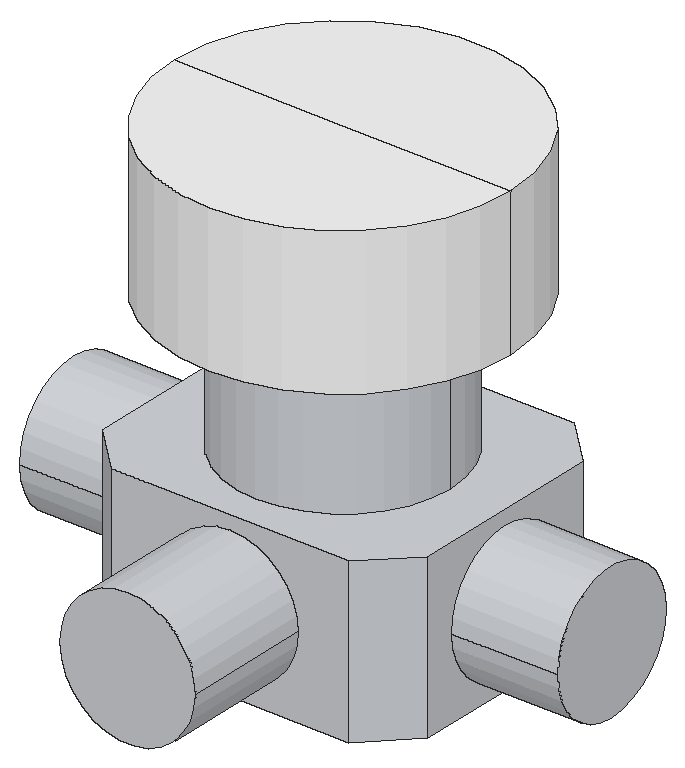
Revit family "Reece_Tap_Milli_Pure_Shower or Bath Mixer_Progressive_Wall Mount", category Plumbing Fixtures, host Face, Revit 2018
Family settings
  Host = Face
  Round Connector Dimension = Use Diameter
  Part Type = Normal
  Cut with Voids When Loaded = No
  Shared = Yes
  Room Calculation Point = Yes
Parameters (values of type "Chrome")
  WFU = 0  # constant formula
  URL = "https://www.reece.com.au/product/-2263274"
  Type Comments = "Tap"
  Reece_Tap_Inlet = 12 mm  # constant formula
  Reece_Product_Web Page = "https://www.reece.com.au/product/-2263274"
  Reece_Product_Type = "Tap"  # constant formula
  Reece_Product_Sub Brand = "Pure"  # constant formula
  Reece_Product_Number = "2263274"
  Reece_Product_Mount = "Wall Mounted"  # constant formula
  Reece_Product_Description = "Milli Pure Progressive Shower / Bath Mixer Tap Chrome"
  Reece_Product_Brand = "Milli"  # constant formula
  Reece_Overall_Width = 62 mm  # constant formula
  Reece_Overall_Height = 28 mm  # constant formula
  Reece_Material_Main = Reece_Brass_Chrome
  Reece_Detail_Tap_Handle Texture = ""
  Reece_Detail_Installation = ""
  Reece_Detail_Disclaimer = "THIS FILE IS THE PROPERTY OF THE REECE GROUP. IT MAY NOT BE REPRODUCED, REVERSE-ENGINEERED, OR MODIFIED. ANY REPUBLICATION, TRANSMISSION, OR DISTRIBUTION FOR THE PURPOSE OF COMMERCIALLY EXPLOITING THE FILES IS PROHIBITED."  # constant formula
  Reece_Detail_Connector = ""
  Reece_Detail_Additional = ""
  Model = "Pure"
  Manufacturer = "Milli"
  Keynote = "Product #2263274, Reece_Tap_Milli_Pure_Shower or Bath Mixer_Progressive_Wall Mount - Chrome"
  HWFU = 0  # constant formula
  Disclaimer = "THIS FILE IS THE PROPERTY OF THE REECE GROUP. IT MAY NOT BE REPRODUCED, REVERSE-ENGINEERED, OR MODIFIED. ANY REPUBLICATION, TRANSMISSION, OR DISTRIBUTION FOR THE PURPOSE OF COMMERCIALLY EXPLOITING THE FILES IS PROHIBITED."  # constant formula
  Description = "Milli Pure Progressive Shower / Bath Mixer Tap Chrome"
  Default Elevation = 1000 mm
  CWFU = 0  # constant formula
Types (6, lengths in mm): name | URL | Reece_Product_Web Page | Reece_Product_Number | Reece_Product_Description | Reece_Material_Main | Keynote | Description
  Brushed Gunmetal | "https://www.reece.com.au/product/-2281295" | "https://www.reece.com.au/product/-2281295" | "2281295" | "Milli Pure Progressive Shower / Bath Mixer Tap Brushed Gunmetal" | Reece_Brass_Brushed Gunmetal | "Product #2281295, Reece_Tap_Milli_Pure_Shower or Bath Mixer_Progressive_Wall Mount - Brushed Gunmetal" | "Milli Pure Progressive Shower / Bath Mixer Tap Brushed Gunmetal"
  Chrome | "https://www.reece.com.au/product/-2263274" | "https://www.reece.com.au/product/-2263274" | "2263274" | "Milli Pure Progressive Shower / Bath Mixer Tap Chrome" | Reece_Brass_Chrome | "Product #2263274, Reece_Tap_Milli_Pure_Shower or Bath Mixer_Progressive_Wall Mount - Chrome" | "Milli Pure Progressive Shower / Bath Mixer Tap Chrome"
  Matte Black | "https://www.reece.com.au/product/-2281217" | "https://www.reece.com.au/product/-2281217" | "2281217" | "Milli Pure Progressive Shower / Bath Mixer Tap Matte Black" | Reece_Brass_Matte Black | "Product #2281217, Reece_Tap_Milli_Pure_Shower or Bath Mixer_Progressive_Wall Mount - Matte Black" | "Milli Pure Progressive Shower / Bath Mixer Tap Matte Black"
  Brushed Nickel | "https://www.reece.com.au/product/-2299192" | "https://www.reece.com.au/product/-2299192" | "2299192" | "Milli Pure Progressive Shower / Bath Mixer Tap Brushed Nickel" | Reece_Brass_Brushed Nickel | "Product #2299192, Reece_Tap_Milli_Pure_Shower or Bath Mixer_Progressive_Wall Mount - Brushed Nickel" | "Milli Pure Progressive Shower / Bath Mixer Tap Brushed Nickel"
  PVD Brushed Bronze | "https://www.reece.com.au/product/-9511080" | "https://www.reece.com.au/product/-9511080" | "9511080" | "Milli Pure Progressive Shower / Bath Mixer Tap PVD Brushed Bronze" | Reece_PVD_Brushed Bronze | "Product #9511080, Reece_Tap_Milli_Pure_Shower or Bath Mixer_Progressive_Wall Mount - PVD Brushed Bronze" | "Milli Pure Progressive Shower / Bath Mixer Tap PVD Brushed Bronze"
  PVD Brushed Gold | "https://www.reece.com.au/product/-9510895" | "https://www.reece.com.au/product/-9510895" | "9510895" | "Milli Pure Progressive Shower / Bath Mixer Tap PVD Brushed Gold" | Reece_PVD_Brushed Gold | "Product #9510895, Reece_Tap_Milli_Pure_Shower or Bath Mixer_Progressive_Wall Mount - PVD Brushed Gold" | "Milli Pure Progressive Shower / Bath Mixer Tap PVD Brushed Gold"
Reference planes
  plane 1 "Center (Front/Back)": y = 0
  plane 2 "Bottom": z = 0
  plane 3 "Center (Left/Right)": x = 0
  plane 4 "Top": z = 28
  plane 5: y = -31
  plane 6: y = 31
Forms (mm)
  Revolve 1, solid, material "Reece_Brass_Chrome" <- "Reece_Material_Main"
    sketch origin (-50, 0, 0) x (1, 0, 0) y (0, 0, 1)
      loop
        line (81, 28) -> (50, 28) -> (50, 0) -> (79, 0) -> (79, 1) -> (81, 1) -> (81, 28)
      axis (50, 0) -> (50, 28)
    angle from 0 to 360
  Extrusion 2, solid
    sketch origin (-50, 0, 0) x (1, 0, 0) y (0, 1, 0)
      loop
        circle (50, 0) r 20
    from 0 to -25
  Extrusion 3, solid
    sketch origin (-16.5, 50, 0) x (0, -1, 0) y (0, 0, 1)
      loop
        circle (50, -40) r 12.5
    from -66.119 to -46.5
  Extrusion 4, void
    sketch origin (50, 0, 0) x (-1, 0, 0) y (0, -1, 0)
      loop
        circle (50, 0) r 25
    from 0 to -30
  Extrusion 5, solid
    sketch origin (16.5, 50, 0) x (0, -1, 0) y (0, 0, -1)
      loop
        circle (50, 40) r 12.5
    from -66.119 to -46.5
  Extrusion 6, solid
    sketch origin (-50, 0, 0) x (1, 0, 0) y (0, 1, 0)
      loop
        line (28.147, 26) -> (20, 17.853) -> (20, -17.853) -> (28.147, -26) -> (71.853, -26) -> (80, -17.853) -> (80, 17.853) -> (71.853, 26) -> (28.147, 26)
    from -55 to -25
  Extrusion 7, solid
    sketch origin (-50, 16.5, 0) x (1, 0, 0) y (0, 0, -1)
      loop
        circle (50, 40) r 12.5
    from -66.119 to -42.5
Cuts and joins
  Extrusion 4 cuts Extrusion 3
  joined: Extrusion 2, Extrusion 3, Extrusion 5, Extrusion 6, Extrusion 7
Text (mm)
  text "Reece Copyright © 2018, Reece Ltd." at (-1146.244, -273.583, 0), in view "Ref. Level"
  text "Reece ©" at (7.929, 189.689, 159.539), in view "Reece Preview"
Dimensions and locks
  "Reece_Overall_Width": plane 6 to plane 5
  "Reece_Overall_Height": plane 4 "Top" to plane 2 "Bottom"
  equal spacing: plane 6, plane 1 "Center (Front/Back)", plane 5
  aligned and locked: plane 2 "Bottom" to host face
  aligned and locked: level to host face
Automatic sketch dimensions
  host sketch curve to host sketch curve = 380.785 mm
  host sketch curve to host sketch curve = 317.421 mm
  Revolve 1 sketch curve to plane 3 "Center (Left/Right)" = 0 mm  (x2)
  Revolve 1 sketch curve to level = 0 mm
  Revolve 1 sketch curve to plane 4 "Top" = 0 mm  (x2)
  plane 3 "Center (Left/Right)" to Revolve 1 sketch curve = 29 mm
  Revolve 1 sketch curve to Revolve 1 sketch curve = 2 mm
  level to Revolve 1 sketch curve = 1 mm
  plane 4 "Top" to Revolve 1 sketch curve = 10 mm
  Extrusion 2 sketch curve to Extrusion 2 sketch curve = 0 mm  (x2)
  plane 1 "Center (Front/Back)" to Extrusion 2 sketch curve = 0 mm
  Extrusion 2 sketch curve to plane 3 "Center (Left/Right)" = 0 mm
  Extrusion 2 sketch curve to Extrusion 2 sketch curve = 20 mm
  Extrusion 3 sketch curve to plane 1 "Center (Front/Back)" = 0 mm
  Extrusion 3 sketch curve to level = 40 mm
  Extrusion 4 sketch curve to Extrusion 4 sketch curve = 0 mm  (x2)
  plane 1 "Center (Front/Back)" to Extrusion 4 sketch curve = 0 mm
  Extrusion 4 sketch curve to plane 3 "Center (Left/Right)" = 0 mm
  Extrusion 4 sketch curve to plane 3 "Center (Left/Right)" = 25 mm
  Extrusion 5 sketch curve to plane 1 "Center (Front/Back)" = 0 mm
  Extrusion 5 sketch curve to level = 40 mm
  Extrusion 6 sketch curve to plane 5 = 13.147 mm
  Extrusion 6 sketch curve to plane 3 "Center (Left/Right)" = 30 mm
  Extrusion 6 sketch curve to plane 6 = 5 mm
  Extrusion 6 sketch curve to Extrusion 6 sketch curve = 8.147 mm  (x6)
  Extrusion 6 sketch curve to plane 5 = 5 mm
  plane 3 "Center (Left/Right)" to Extrusion 6 sketch curve = 21.853 mm  (x2)
  Extrusion 7 sketch curve to plane 3 "Center (Left/Right)" = 0 mm
  Extrusion 7 sketch curve to level = 40 mm
  radius of Extrusion 3 sketch curve = 12.5 mm
  radius of Extrusion 5 sketch curve = 12.5 mm
  radius of Extrusion 7 sketch curve = 12.5 mm
Connectors
  piping at (49.619, 0, -40), diameter 12, driven by "Reece_Tap_Inlet"
    settings: on cut or joined group of Extrusion 2, Extrusion 3, Extrusion 4, Extrusion 5, Extrusion 6, Extrusion 7, index 2, connector inside diameter 609.6 mm, connector length 0 mm, flow factor 0, pipe flow 0.0 L/s, pressure drop 0.0 Pa, fitting loss kfactor 0, connector angle 0.00°, fixture units 0, engagement length 0 mm, angle of deflection 0.00°, flow configuration 0, flow direction 2, fitting loss method 0, system type 29, joint type 0, gender type 0, connector reference index -1, connector utility 0, adjustable connector no, is connector primary yes, connector description ""
  piping at (-49.619, 0, -40), diameter 12, driven by "Reece_Tap_Inlet"
    settings: on Extrusion 5, index 3, connector inside diameter 609.6 mm, connector length 0 mm, flow factor 0, pipe flow 0.0 L/s, pressure drop 0.0 Pa, fitting loss kfactor 0, connector angle 0.00°, fixture units 0, engagement length 0 mm, angle of deflection 0.00°, flow configuration 0, flow direction 2, fitting loss method 0, system type 29, joint type 0, gender type 0, connector reference index -1, connector utility 0, adjustable connector no, is connector primary no, connector description ""
  piping at (0, -49.619, -40), diameter 12, driven by "Reece_Tap_Inlet"
    settings: on Extrusion 7, index 5, connector inside diameter 609.6 mm, connector length 0 mm, flow factor 0, pipe flow 0.0 L/s, pressure drop 0.0 Pa, fitting loss kfactor 0, connector angle 0.00°, fixture units 0, engagement length 0 mm, angle of deflection 0.00°, flow configuration 0, flow direction 1, fitting loss method 0, system type 29, joint type 0, gender type 0, connector reference index -1, connector utility 0, adjustable connector no, is connector primary no, connector description ""
